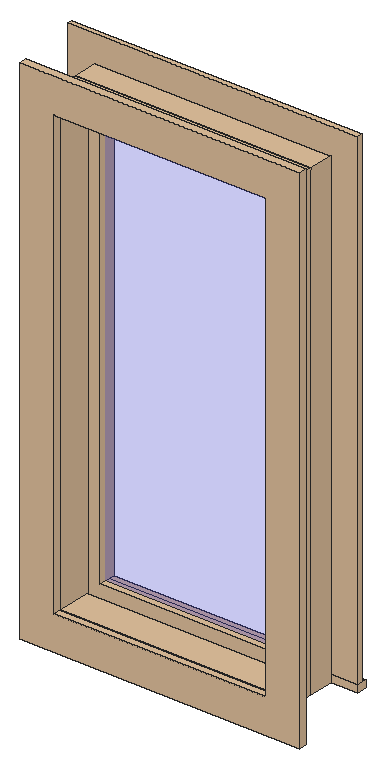
Revit family
Parameters (values of type "0610 x 1220mm")
  유리 창 재료 = 유리
  Height = 1220.00 mm
  섀시 = 섀시
  기본 씰 높이 = 915.00 mm
  자르기 외부 재료 = 자르기
  자르기 내부 재료 = 자르기
  자르기 투영 - 외부 = 13.00 mm
  자르기 투영 - 내부 = 19.00 mm
  자르기 폭 - 외부 = 89.00 mm
  자르기 폭 - 내부 = 89.00 mm
  Wall Closure = (empty or 0)
  Width = 610.00 mm
  창 인세트 = 19.00 mm
Types (10, lengths in mm): name | Height | 기본 씰 높이 | Width
  (no name) | 1220.00 | 915.00 | 610.00
  0915 x 1220mm | 1220.00 | 915.00 | 915.00
  0610 x 1220mm | 1220.00 | 915.00 | 610.00
  0610 x 0610mm | 610.00 | 915.00 | 610.00
  0406 x 0610mm | 610.00 | 915.00 | 406.00
  0406 x 1220mm | 1220.00 | 915.00 | 406.00
  0406 x 1830mm | 1830.00 | 305.00 | 406.00
  0610 x 1830mm | 1830.00 | 305.00 | 610.00
  0915 x 0610mm | 610.00 | 915.00 | 915.00
  0915 x 1830mm | 1830.00 | 305.00 | 915.00
Reference planes
  plane 1: y = 0
  plane 2: z = 0
  plane 3 "중심": x = 0
  plane 4 "왼쪽": x = -305
  plane 5 "오른쪽": x = 305
  plane 6 "씰": z = 915
  plane 7 "상단": z = 2135
  plane 8: y = 76.2
  plane 9: y = -76.2
  plane 10: y = 57.2
  plane 11 "상단": z = 1525
  plane 12: x = -285.95
  plane 13: x = -273.25
  plane 14: x = -374.95
  plane 15: x = -362.25
  plane 16: x = 273.25
  plane 17: x = 285.95
  plane 18: x = 362.25
  plane 19: x = 374.95
  plane 20: z = 2204.95
  plane 21: z = 2192.25
  plane 22: z = 2115.95
  plane 23: z = 2103.25
  plane 24: z = 946.75
  plane 25: z = 857.75
  plane 26 "마무리": y = 28.625
Forms (mm)
  Extrusion 1, solid, material "자르기" <- "자르기 외부 재료"
    sketch origin (0, 0, 0) x (1, 0, 0) y (0, 0, 1)
      loop
        line (-305, 2135) -> (-305, 915) -> (305, 915) -> (305, 2135) -> (-305, 2135)
      loop
        line (-285.95, 2115.95) -> (-285.95, 934.05) -> (285.95, 934.05) -> (285.95, 2115.95) -> (-285.95, 2115.95)
    from -76.2 to -12.75
  Extrusion 2, solid, material "자르기" <- "자르기 내부 재료"
    sketch origin (0, 0, 0) x (-1, 0, 0) y (0, 0, 1)
      loop
        line (-305, 2135) -> (-305, 915) -> (305, 915) -> (305, 2135) -> (-305, 2135)
      loop
        line (-273.25, 2103.25) -> (-273.25, 946.75) -> (273.25, 946.75) -> (273.25, 2103.25) -> (-273.25, 2103.25)
    from 12.75 to -76.2
  Extrusion 3, solid, material "섀시" <- "섀시"
    sketch origin (0, 0, 0) x (-1, 0, 0) y (0, 0, 1)
      loop
        line (-285.95, 2115.95) -> (-285.95, 934.05) -> (285.95, 934.05) -> (285.95, 2115.95) -> (-285.95, 2115.95)
      loop
        line (-241.5, 2071.5) -> (-241.5, 978.5) -> (241.5, 978.5) -> (241.5, 2071.5) -> (-241.5, 2071.5)
    from 12.75 to 57.2
  Extrusion 4, solid, material "유리" <- "유리 창 재료"
    sketch origin (-124.971, 0, -117.036) x (1, 0, 0) y (0, 0, 1)
      loop
        line (-116.529, 2188.536) -> (-116.529, 1095.536) -> (366.471, 1095.536) -> (366.471, 2188.536) -> (-116.529, 2188.536)
    from -41.325 to -28.625
  Extrusion 5, solid, material "자르기" <- "자르기 내부 재료"
    sketch origin (0, 0, 0) x (1, 0, 0) y (0, 0, 1)
      loop
        line (-273.25, 2103.25) -> (-273.25, 946.75) -> (273.25, 946.75) -> (273.25, 2103.25) -> (-273.25, 2103.25)
      loop
        line (-362.25, 2192.25) -> (-362.25, 857.75) -> (362.25, 857.75) -> (362.25, 2192.25) -> (-362.25, 2192.25)
    from 76.2 to 95.2
  Extrusion 6, solid, material "자르기" <- "자르기 외부 재료"
    sketch origin (0, 0, 0) x (-1, 0, 0) y (0, 0, 1)
      loop
        line (-285.95, 2115.95) -> (285.95, 2115.95) -> (285.95, 934.05) -> (374.95, 934.05) -> (374.95, 2204.95) -> (-374.95, 2204.95) -> (-374.95, 934.05) -> (-285.95, 934.05) -> (-285.95, 2115.95)
    from 76.2 to 89.2
  Extrusion 7, solid, material "자르기" <- "자르기 외부 재료"
    sketch origin (0, 0, 0) x (-1, 0, 0) y (0, 0, 1)
      loop
        line (-374.95, 934.05) -> (-374.95, 915) -> (374.95, 915) -> (374.95, 934.05) -> (-374.95, 934.05)
    from 76.2 to 101.9
Lines and regions (mm)
  Opening 1
    outline origin (-1524, -76.2, 0) x (1, 0, 0) y (0, 0, 1)
      loop
        line (1219, 2135) -> (1219, 915) -> (1829, 915) -> (1829, 2135) -> (1219, 2135)
  symbolic lines, style "WindowsFrameMullionProjection"
    curve 1: line (-305, 76.2, 0) -> (-285.95, 76.2, 0)
    curve 2: line (-285.95, 12.75, 0) -> (-285.95, 76.2, 0)
    curve 3: line (-285.95, 12.75, 0) -> (-273.25, 12.75, 0)
    curve 4: line (-273.25, -76.2, 0) -> (-273.25, 12.75, 0)
    curve 5: line (305, 76.2, 0) -> (285.95, 76.2, 0)
    curve 6: line (273.25, 12.75, 0) -> (273.25, -76.2, 0)
    curve 7: line (273.25, 12.75, 0) -> (285.95, 12.75, 0)
    curve 8: line (285.95, 12.75, 0) -> (285.95, 76.2, 0)
    curve 9: line (-285.95, 57.2, 0) -> (-241.5, 57.2, 0)
    curve 10: line (-285.95, 57.2, 0) -> (-285.95, 12.75, 0)
    curve 11: line (-285.95, 12.75, 0) -> (-241.5, 12.75, 0)
    curve 12: line (-241.5, 57.2, 0) -> (-241.5, 12.75, 0)
    curve 13: line (285.95, 57.2, 0) -> (241.5, 57.2, 0)
    curve 14: line (285.95, 57.2, 0) -> (285.95, 12.75, 0)
    curve 15: line (285.95, 12.75, 0) -> (241.5, 12.75, 0)
    curve 16: line (241.5, 57.2, 0) -> (241.5, 12.75, 0)
    curve 22: line (-273.25, -76.2, 0) -> (-305, -76.2, 0)
    curve 23: line (273.25, -76.2, 0) -> (305, -76.2, 0)
  symbolic lines, style "WindowsGlassProjection"
    curve 17: line (-241.5, 34.975, 0) -> (241.5, 34.975, 0)
  symbolic lines, style "입면도 스윙"
    curve 18: line (241.5, 57.2, 1525) -> (-241.5, 57.2, 2071.5)
    curve 19: line (241.5, 57.2, 1525) -> (-241.5, 57.2, 978.5)
    curve 20: line (-241.5, 12.75, 978.5) -> (241.5, 12.75, 1525)
    curve 21: line (241.5, 12.75, 1525) -> (-241.5, 12.75, 2071.5)
Text (mm)
  text "외부" at (-1437.207, 772.553, 0), in view "바닥 선"
  text "내부" at (-1490.695, -608.643, 0), in view "바닥 선"
  text "외부" at (0, 1108.87, 3415.022), in view "왼쪽"
  text "외부" at (0, 464.664, 3176.206), in view "오른쪽"
Dimensions and locks
  equal spacing: plane 4 "왼쪽", plane 3 "중심", plane 5 "오른쪽"
  "Width": plane 4 "왼쪽" to plane 5 "오른쪽"
  plane 2 to plane 25 to plane 6 "씰" to plane 11 "상단" to plane 7 "상단" = 857.75 mm, 57.25 mm, 610.00 mm, 610.00 mm
  "창 인세트": plane 8 to plane 10
  locked: plane 10 to Extrusion 3 at 44.45
  locked: plane 10 to Extrusion 4 at 15.875
  locked: Extrusion 4 to Extrusion 4 at 12.7
  "자르기 투영 - 내부": Extrusion 5 to Extrusion 5
  equal spacing: plane 6 "씰", plane 11 "상단", plane 7 "상단"
  locked: Extrusion 7 to Extrusion 6 at 12.7
  "자르기 투영 - 외부": Extrusion 6 to Extrusion 6
  locked: plane 4 "왼쪽" to plane 13 at 31.75
  locked: plane 16 to plane 5 "오른쪽" at 31.75
  locked: plane 4 "왼쪽" to plane 12 at 19.05
  locked: plane 17 to plane 5 "오른쪽" at 19.05
  locked: plane 22 to plane 7 "상단" at 19.05
  "자르기 폭 - 외부": plane 22 to plane 20
  "자르기 폭 - 외부": plane 17 to plane 19
  "자르기 폭 - 외부": plane 14 to plane 12
  locked: plane 7 "상단" to plane 23 at 31.75
  locked: plane 24 to plane 6 "씰" at 31.75
  "자르기 폭 - 내부": plane 21 to plane 23
  "자르기 폭 - 내부": plane 24 to plane 25
  "자르기 폭 - 내부": plane 15 to plane 13
  "자르기 폭 - 내부": plane 16 to plane 18
  locked: Extrusion 7 sketch curve to Extrusion 7 sketch curve at 19.05
  "Height": plane 7 "상단" to plane 6 "씰"
  "기본 씰 높이": plane 6 "씰" to plane 2
  locked: plane 8 to plane 26 "마무리" at 47.575
  aligned and locked: plane 7 "상단" to Opening 1 sketch curve
  aligned and locked: plane 6 "씰" to Opening 1 sketch curve  (x2)
  aligned and locked: plane 5 "오른쪽" to Opening 1 sketch curve
  aligned and locked: plane 4 "왼쪽" to Opening 1 sketch curve
  aligned and locked: plane 9 to host wall
  aligned and locked: host wall to Extrusion 2
  aligned and locked: plane 10 to Extrusion 3
  aligned and locked: plane 8 to host wall
  aligned and locked: host wall to Extrusion 1
  aligned and locked: Extrusion 2 to Extrusion 1
  aligned and locked: Extrusion 1 to Extrusion 3
  aligned and locked: Extrusion 4 sketch curve to Extrusion 3  (x4)
  aligned and locked: curve 5 to Extrusion 1  (x2)
  aligned and locked: Extrusion 2 to curve 6
  aligned and locked: curve 4 to Extrusion 2
  aligned and locked: curve 16 to Extrusion 3
  aligned and locked: Extrusion 1 to curve 11
  aligned and locked: Extrusion 1 to curve 7
  aligned and locked: Extrusion 3 to curve 18
  aligned and locked: Extrusion 5 sketch curve to Extrusion 2  (x4)
  aligned and locked: Extrusion 5 to host wall
  aligned and locked: Extrusion 7 sketch curve to Extrusion 6  (x2)
  aligned and locked: Extrusion 6 to host wall
  aligned and locked: Extrusion 7 to host wall
Automatic sketch dimensions
  Extrusion 1 sketch curve to plane 4 "왼쪽" = 0.00 mm
  Extrusion 1 sketch curve to plane 5 "오른쪽" = 0.00 mm
  Extrusion 1 sketch curve to plane 4 "왼쪽" = 19.05 mm
  plane 5 "오른쪽" to Extrusion 1 sketch curve = 19.05 mm
  Extrusion 1 sketch curve to plane 6 "씰" = 0.00 mm
  Extrusion 1 sketch curve to plane 7 "상단" = 0.00 mm
  Extrusion 1 sketch curve to plane 6 "씰" = 19.05 mm
  plane 7 "상단" to Extrusion 1 sketch curve = 19.05 mm
  Extrusion 2 sketch curve to plane 5 "오른쪽" = 0.00 mm
  Extrusion 2 sketch curve to plane 4 "왼쪽" = 0.00 mm
  plane 5 "오른쪽" to Extrusion 2 sketch curve = 31.75 mm
  Extrusion 2 sketch curve to plane 4 "왼쪽" = 31.75 mm
  Extrusion 2 sketch curve to plane 6 "씰" = 0.00 mm
  Extrusion 2 sketch curve to plane 7 "상단" = 0.00 mm
  Extrusion 2 sketch curve to plane 6 "씰" = 31.75 mm
  plane 7 "상단" to Extrusion 2 sketch curve = 31.75 mm
  plane 5 "오른쪽" to Extrusion 3 sketch curve = 19.05 mm
  plane 5 "오른쪽" to Extrusion 3 sketch curve = 63.50 mm
  Extrusion 3 sketch curve to plane 4 "왼쪽" = 63.50 mm
  Extrusion 3 sketch curve to plane 4 "왼쪽" = 19.05 mm
  Extrusion 3 sketch curve to plane 6 "씰" = 19.05 mm
  Extrusion 3 sketch curve to plane 6 "씰" = 63.50 mm
  plane 7 "상단" to Extrusion 3 sketch curve = 63.50 mm
  plane 7 "상단" to Extrusion 3 sketch curve = 19.05 mm
  curve 19 to plane 11 "상단" = 0.00 mm
  curve 21 to plane 11 "상단" = 0.00 mm
  curve 21 to curve 18 = 0.00 mm  (x2)
  curve 20 to plane 6 "씰" = 63.50 mm
  curve 19 to curve 20 = 0.00 mm  (x2)
  curve 18 to plane 4 "왼쪽" = 63.50 mm
  curve 20 to plane 4 "왼쪽" = 63.50 mm
  plane 5 "오른쪽" to curve 20 = 63.50 mm
  curve 19 to curve 21 = 0.00 mm
  curve 22 to plane 4 "왼쪽" = 0.00 mm
  curve 1 to plane 4 "왼쪽" = 0.00 mm
  curve 2 to plane 8 = 0.00 mm
  curve 10 to plane 10 = 0.00 mm
  curve 13 to plane 10 = 0.00 mm
  curve 23 to plane 5 "오른쪽" = 0.00 mm
  curve 2 to plane 4 "왼쪽" = 19.05 mm
  curve 9 to curve 12 = 44.45 mm
  plane 5 "오른쪽" to curve 13 = 19.05 mm
  curve 23 to plane 9 = 0.00 mm
  curve 4 to plane 9 = 0.00 mm
  curve 11 to curve 17 = 22.225 mm
  Extrusion 7 sketch curve to plane 14 = 0.00 mm
  Extrusion 5 sketch curve to plane 15 = 0.00 mm
  Extrusion 5 sketch curve to plane 18 = 0.00 mm
  Extrusion 5 sketch curve to plane 25 = 0.00 mm
  Extrusion 5 sketch curve to plane 21 = 0.00 mm
  Extrusion 6 sketch curve to plane 19 = 0.00 mm
  Extrusion 6 sketch curve to plane 17 = 0.00 mm
  Extrusion 6 sketch curve to plane 12 = 0.00 mm
  Extrusion 6 sketch curve to plane 14 = 0.00 mm
  Extrusion 6 sketch curve to plane 22 = 0.00 mm
  Extrusion 6 sketch curve to plane 20 = 0.00 mm
  Extrusion 6 sketch curve to plane 6 "씰" = 19.05 mm  (x2)
